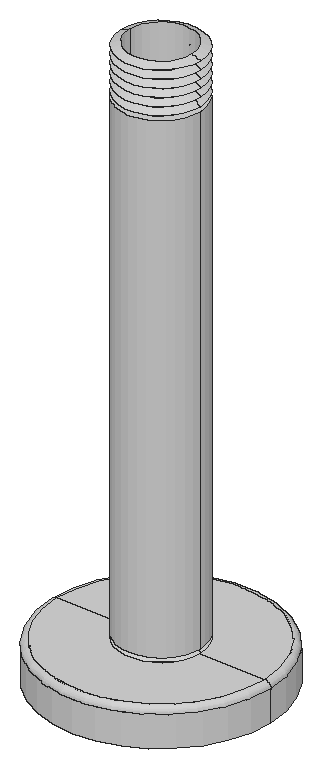
Revit family "S-2580", category Plumbing Equipment, host Face, Revit 2023
Family settings
  Host = Face
  Round Connector Dimension = Use Diameter
  Classification = None
  Part Type = Normal
  Cut with Voids When Loaded = No
  Maintain Annotation Orientation = No
  Shared = No
  Room Calculation Point = No
Parameters
  MATERIAL = steel
  Default Elevation = 4' - 0"
Reference planes (in)
  plane 1 "Center (Front/Back)": y = 0
  plane 2: z = 0
  plane 3 "Center (Left/Right)": x = 0
  plane 4: z = 0
Forms (in)
  Extrusion 1, solid, material "steel" <- "MATERIAL"
    sketch origin (0, 0, -0.10147) x (0, 1, 0) y (-1, 0, 0)
      loop
        circle (0, 0) r 0.40625
      loop
        circle (0, 0) r 0.32214
    from 0.53086 to 5.45147
  Revolve 2, solid, material "steel" <- "MATERIAL"
    sketch origin (0, 0, 0.35) x (-1, 0, 0) y (0, 0, -1)
      loop
        line (-0.32214, 0.5) -> (-0.40619, 0.45147) -> (-0.33361, 0.40957) -> (-0.40619, 0.36766) -> (-0.33361, 0.32575) -> (-0.40619, 0.28385) -> (-0.33361, 0.24194) -> (-0.40619, 0.20003) -> (-0.33361, 0.15813) -> (-0.40619, 0.11622) -> (-0.33361, 0.07431) -> (-0.40619, 0.03241) -> (-0.33361, 0.00442) -> (-0.40619, -0.03749) -> (-0.32214, -0.07939) -> (-0.32214, 0.5)
      axis (0, -0.07939) -> (0, 0.5)
    angle from 0 to 360
  Revolve 3, solid, material "steel" <- "MATERIAL"
    sketch origin (0, 0, 5.85) x (-1, 0, 0) y (0, 0, -1)
      loop
        line (-0.32214, 0.5) -> (-0.40619, 0.45147) -> (-0.33361, 0.40957) -> (-0.40619, 0.36766) -> (-0.33361, 0.32575) -> (-0.40619, 0.28385) -> (-0.33361, 0.24194) -> (-0.40619, 0.20003) -> (-0.33361, 0.15813) -> (-0.40619, 0.11622) -> (-0.33361, 0.07431) -> (-0.40619, 0.03241) -> (-0.32214, 0) -> (-0.32214, 0.5)
      axis (0, 0) -> (0, 0.5)
    angle from 0 to 360
  Revolve 4, solid, material "steel" <- "MATERIAL"
    sketch origin (0, 0, 0) x (1, 0, 0) y (0, 0, 1)
      loop
        line (-1.125, 0) -> (-0.32214, 0) -> (-0.32214, 0.375) -> (-1.0625, 0.375)
        arc (-1.0625, 0.375) -> (-1.10669, 0.35669) -> (-1.125, 0.3125) r 0.0625
        line (-1.125, 0.3125) -> (-1.125, 0)
      axis (0, 0.375) -> (0, 0)
    angle from 0 to 360
Lines and regions (in)
  symbolic lines, not visible
    curve 1: line (0, 0, 5.85) -> (-0.45833, 0, 6.64386)
    curve 2: line (-0.45833, 0, 6.64386) -> (-0.95833, 0, 6.64386)
    curve 3: line (0, 0, 5.85) -> (-0.21651, 0, 5.975)
    curve 4: line (0, 0, 5.85) -> (0, 0, 6.1)
Text (in)
  text "2X 1/2-14 NPTF" at (-1.01364, 0, 6.80128), in view "Back"
  text "⌀" at (0.59707, 0, -0.74131), in view "Back"
  text "⌀" at (2.09996, 0, 2.59207), in view "Back"
  text "2X 1/2-14 NPTF" at (-1.01364, 0, 6.80128), in view "Front"
  text "⌀" at (-0.38715, 0, -0.74131), in view "Front"
  text "⌀" at (1.10648, 0, 2.59207), in view "Front"
Dimensions and locks (in)
  Revolve 2 to Revolve 3 = 0' - 6"  (x2)
  Revolve 4 to Revolve 4 = 0' - 0 3/8"  (x2)
  Extrusion 1 to Extrusion 1 = 0' - 0 13/16"  (x2)
  Revolve 4 to Revolve 4 = 0' - 2 1/4"  (x2)
  aligned and locked: plane 2 to host face
  aligned and locked: level to host face
